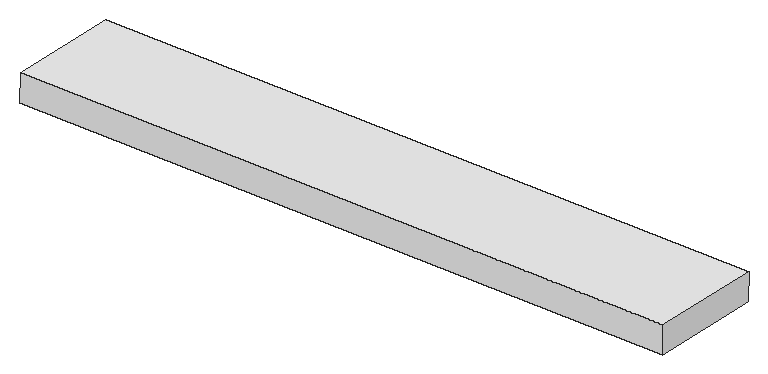
Revit family "Trellis Band - McD", category Generic Models, Revit 2012
Parameters (values of type "Trellis Band")
  Watermarked By = "http://revitwatermark.com"
  Material = Metal - Aluminum
  MasterFormat Number = "05.70.00"
  built-in parameter 1001306 [instance] = 4' - 0"
  Keynote = "05.70.00"
  Instance Length [instance] = 4' - 0"
  Height = 0' - 8"
  Depth = 0' - 2"
  Assembly Code = "B2010400"
Reference planes (in)
  plane 1 "Center (Front/Back)": y = 0
  plane 2: z = 0
  plane 3 "Left": x = 0
  plane 4 "Right": x = 48
  plane 5 "Bottom": z = -2
  plane 6: y = -8
Forms (in)
  Extrusion 1, solid, material "Metal - Aluminum" <- "Material"
    sketch origin (0, 0, 0) x (0, 1, 0) y (0, 0, 1)
      loop
        line (-8, -2) -> (0, -2) -> (0, 0) -> (-8, 0) -> (-8, -2)
    from 0 to 48
Lines and regions (in)
  reference lines
    curve 1: line (0, 0, 0) -> (48, 0, 0)
Dimensions and locks (in)
  "built-in parameter 1001306": plane 3 "Left" to plane 4 "Right"
  "Height": plane 6 to plane 1 "Center (Front/Back)"
  "Depth": level to plane 5 "Bottom"
  "Instance Length": plane 3 "Left" to plane 4 "Right"
  aligned and locked: plane 4 "Right" to curve 1
  aligned and locked: plane 1 "Center (Front/Back)" to curve 1
  aligned and locked: plane 3 "Left" to curve 1
  aligned and locked: level to plane 2
  aligned and locked: plane 1 "Center (Front/Back)" to Extrusion 1 sketch curve
  aligned and locked: Extrusion 1 sketch curve to plane 2
  aligned and locked: plane 5 "Bottom" to Extrusion 1 sketch curve
  aligned and locked: plane 4 "Right" to Extrusion 1
  aligned and locked: Extrusion 1 to plane 3 "Left"
  aligned and locked: Extrusion 1 to plane 6
Automatic sketch dimensions
  Extrusion 1 sketch curve to Extrusion 1 sketch curve = 0' - 8"
